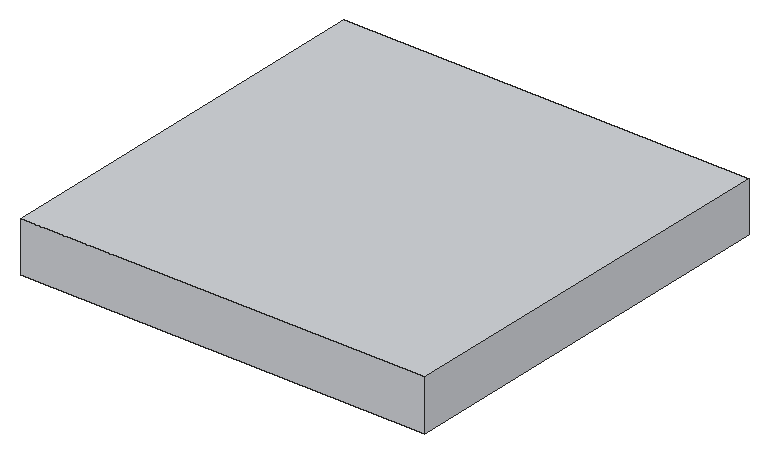
Revit family "Bateria_czasowa_umywalkowa_stojaca_9001", category Osprzęt hydrauliczny, Revit 2019
Family settings
  Obiekt nadrzędny = Powierzchnia
  Wymiar okrągłego złącza = Użyj średnicy
  Typ części = Normalny
  Tnij formami wycięć po wczytaniu = Nie
  Współdzielony = Nie
  Punkt obliczania pomieszczeń = Nie
Parameters (values of type "FAN9001")
  Width / Szerokosc = 48 mm  # constant formula
  Weight / Waga = "0.68 kg"
  URL = "https://faneco.com/bateria-czasowa-umywalkowa-stojaca-9001.html"
  Product code / Kod produktu = "FAN9001"
  Opis = "Cechy:\r\n- Wysoka odporność na akty wandalizmu dzięki wykonaniu z najwyższej jakości materiałów\r\n- Prosta obsługa\r\n- Łatwy montaż"
  Material finish / Wykonczenie = "Mosiądz pokryty chromem"
  Manufacturer code / Kod producenta = "5901764296584"
  Producent = "faneco.com"
  Komentarze do typu = "Bateria czasowa umywalkowa stojąca 9001"
  Height / Wysokosc = 146 mm  # constant formula
  Depth / Glebokosc = 146 mm  # constant formula
  Default Elevation = 1219.2 mm
Reference planes
  plane 1 "Center (Front/Back)": y = 0
  plane 2: z = 0
  plane 3 "Center (Left/Right)": x = 0
Forms (mm)
  Extrusion 1, solid
    sketch origin (0, 0, 0) x (1, 0, 0) y (0, 1, 0)
      loop
        line (-1219.2, 1219.2) -> (-1219.2, -1219.2) -> (1219.2, -1219.2) -> (1219.2, 1219.2) -> (-1219.2, 1219.2)
    from 0 to -304.8
Dimensions and locks
  aligned and locked: plane 2 to Extrusion 1
  aligned and locked: level to Extrusion 1
  aligned and locked: plane 3 "Center (Left/Right)" to nested 1
Nested families
  nested 1: "Low_detail" at (0, -46.583, -50.5), G <- "Depth / Glebokosc", S <- "Width / Szerokosc", W <- "Height / Wysokosc", type "Low_detail", detail levels coarse
    with W 146 mm, S 48 mm, Material Mosiadz chromowany, G 146 mm
  nested 2: "FAN9001_high" at (0, 0, 0), type "FAN9001_high", detail levels fine
  nested 3: "FAN9001_medium" at (0, 0, 0), type "FAN9001_medium", detail levels medium
Connectors
  piping at (0, 0, -50.5), diameter 12.7
    settings: on nested 3, index 1, connector inside diameter 609.6 mm, connector length 0 mm, flow factor 0, pipe flow 0.0 L/s, pressure drop 0.0 Pa, fitting loss kfactor 0, connector angle 0.00°, fixture units 0, engagement length 0 mm, angle of deflection 0.00°, flow configuration 0, flow direction 1, fitting loss method 0, system type 19, joint type 0, gender type 0, connector reference index -1, connector utility 0, adjustable connector no, is connector primary yes, connector description ""
Definition of nested family "Low_detail"
  Parameters
    W [instance] = 721.812 mm
    S [instance] = 880 mm
    Material [instance] = none
    G [instance] = 250 mm
    Default Elevation = 1219.2 mm
  Reference planes
    plane 1 "Center (Front/Back)": y = 0
    plane 2: z = 0
    plane 3 "Center (Left/Right)": x = 0
    plane 4: x = -440
    plane 5: x = 440
    plane 6: y = 360.906
    plane 7: y = -360.906
  Forms (mm)
    Extrusion 1, solid
      sketch origin (0, 0, 0) x (1, 0, 0) y (0, 1, 0)
        loop
          line (-1219.2, 1219.2) -> (-1219.2, -1219.2) -> (1219.2, -1219.2) -> (1219.2, 1219.2) -> (-1219.2, 1219.2)
      from 0 to -304.8
    Extrusion 2, solid, material <- "Material"
      sketch origin (0, 0, 0) x (1, 0, 0) y (0, 1, 0)
        loop
          line (-440, 360.906) -> (-440, -360.906) -> (440, -360.906) -> (440, 360.906) -> (-440, 360.906)
      from 0 to 250 <- "G"
  Dimensions and locks
    equal spacing: plane 4, plane 3 "Center (Left/Right)", plane 5
    "S": plane 4 to plane 5
    equal spacing: plane 6, plane 1 "Center (Front/Back)", plane 7
    "W": plane 6 to plane 7
    aligned and locked: plane 2 to Extrusion 1
    aligned and locked: level to Extrusion 1
    aligned and locked: Extrusion 2 sketch curve to plane 6
    aligned and locked: plane 4 to Extrusion 2 sketch curve
    aligned and locked: plane 7 to Extrusion 2 sketch curve
    aligned and locked: Extrusion 2 sketch curve to plane 5
  Automatic sketch dimensions
    Extrusion 1 sketch curve to Extrusion 1 sketch curve = 2438.4 mm  (x2)
Definition of nested family "FAN9001_medium"
  Parameters
    Material = none
    Default Elevation = 1219.2 mm
  Reference planes
    plane 1 "Center (Front/Back)": y = 0
    plane 2: z = 0
    plane 3 "Center (Left/Right)": x = 0
    plane 4 "kran": through (0, -75.464, 53.637) normal (0, 0.4237, 0.9058)
  Forms (mm)
    Extrusion 1, solid
      sketch origin (0, 0, 0) x (1, 0, 0) y (0, 1, 0)
        loop
          line (-1219.2, 1219.2) -> (-1219.2, -1219.2) -> (1219.2, -1219.2) -> (1219.2, 1219.2) -> (-1219.2, 1219.2)
      from 0 to -304.8
    Revolve 2, solid, material <- "Material"
      sketch origin (0, 0, 0) x (0, 1, 0) y (0, 0, 1)
        loop
          arc (26.28, 0) -> (16.129, 30.502) -> (-2.873, 56.432) r 103.738
          line (-2.873, 56.432) -> (-17.048, 51.12) -> (2.107, 0) -> (26.28, 0)
        axis (5.083, -7.943) -> (-17.048, 51.12)
      angle from 0 to 360
    Extrusion 3, void
      sketch origin (0, 0, 0) x (0, 1, 0) y (0, 0, 1)
        loop
          line (26.28, 0) -> (-63.72, 0) -> (-63.72, -27.319) -> (26.28, -27.319) -> (26.28, 0)
      from -50 to 50
    Extrusion 4, solid, material <- "Material"
      sketch origin (0, 7.037, 15.041) x (0, 0.905781, -0.423746) y (-1, 0, 0)
        loop
          arc (-124.727, 8.756) -> (-128.987, 0.005) -> (-124.733, -8.749) r 11.126
          arc (-124.733, -8.749) -> (-121.573, -12.215) -> (-118.108, -15.376) r 50.993
          line (-118.108, -15.376) -> (-7.892, -23.544) -> (-6.173, -23.544)
          arc (-6.173, -23.544) -> (-4.112, -22.69) -> (-3.258, -20.628) r 2.916
          line (-3.258, -20.628) -> (-3.258, -15.522) -> (1.603, -15.522) -> (10.735, -7.806) -> (10.735, 0) -> (10.735, 7.806) -> (1.603, 15.522) -> (-3.258, 15.522) -> (-3.258, 20.628)
          arc (-3.258, 20.628) -> (-4.112, 22.69) -> (-6.173, 23.544) r 2.916
          line (-6.173, 23.544) -> (-7.892, 23.544) -> (-118.108, 15.376)
          arc (-118.108, 15.376) -> (-121.57, 12.218) -> (-124.727, 8.756) r 50.993
      from -17.545 to 0
    Extrusion 5, void
      sketch origin (0, 0, 0) x (0, 1, 0) y (0, 0, 1)
        loop
          line (-91.501, 41.769) -> (-95.397, 37.059) -> (-54.152, 11.664) -> (-48.526, 20.801) -> (-75.765, 37.572) -> (-88.032, 42.281) -> (-91.501, 41.769)
      from -50 to 50
    Revolve 6, solid, material <- "Material"
      sketch origin (0, 0, 0) x (0, 1, 0) y (0, 0, 1)
        loop
          line (-4.688, 56.837) -> (-8.941, 68.187) -> (-7.268, 68.814) -> (-11.518, 88.736)
          arc (-11.518, 88.736) -> (-12.972, 90.705) -> (-15.411, 90.908) r 2.962
          line (-15.411, 90.908) -> (-24.115, 89.051)
          arc (-24.115, 89.051) -> (-24.587, 89.341) -> (-25.092, 89.569) r 4.309
          arc (-25.092, 89.569) -> (-27.952, 88.713) -> (-30.795, 87.807) r 168.108
          line (-30.795, 87.807) -> (-17.048, 51.12) -> (-2.873, 56.432)
          arc (-2.873, 56.432) -> (-3.717, 56.916) -> (-4.688, 56.837) r 1.641
        axis (-17.048, 51.12) -> (-30.795, 87.807)
      angle from 0 to 360
    Extrusion 7, solid, material <- "Material"
      sketch origin (0, 0, 0) x (0, 1, 0) y (0, 0, 1)
        loop
          line (-25, 0) -> (-2.216, 0) -> (-51.55, 23.079) -> (-25, 0)
      from -23.544 to 23.544
    Extrusion 8, void
      sketch origin (0, 0, 0) x (1, 0, 0) y (0, 1, 0)
        loop
          line (-23.544, -7.751) -> (-23.544, -51.55) -> (-19.96, -51.55) -> (-23.544, -7.751)
        loop
          line (23.544, -51.55) -> (23.544, -7.751) -> (19.96, -51.55) -> (23.544, -51.55)
      from -50 to 50
    Extrusion 9, solid
      sketch origin (0, 0, 0) x (1, 0, 0) y (0, 1, 0)
        loop
          circle (0, 0) r 10.2
        loop
          circle (0, 0) r 9
      from -50.5 to 0
  Cuts and joins
    Extrusion 3 cuts Revolve 2
    Extrusion 5 cuts Extrusion 4
    joined: Revolve 2, Extrusion 4
    Extrusion 8 cuts Extrusion 7
  Dimensions and locks
    aligned and locked: plane 2 to Extrusion 1
    aligned and locked: level to Extrusion 1
Definition of nested family "FAN9001_high"
  Parameters
    Default Elevation = 1219.2 mm
  Reference planes
    plane 1 "Center (Front/Back)": y = 0
    plane 2: z = 0
    plane 3 "Center (Left/Right)": x = 0
  Forms (mm)
    Extrusion 1, solid
      sketch origin (0, 0, 0) x (1, 0, 0) y (0, 1, 0)
        loop
          line (-1219.2, 1219.2) -> (-1219.2, -1219.2) -> (1219.2, -1219.2) -> (1219.2, 1219.2) -> (-1219.2, 1219.2)
      from 0 to -304.8
  Dimensions and locks
    aligned and locked: plane 2 to Extrusion 1
    aligned and locked: level to Extrusion 1
